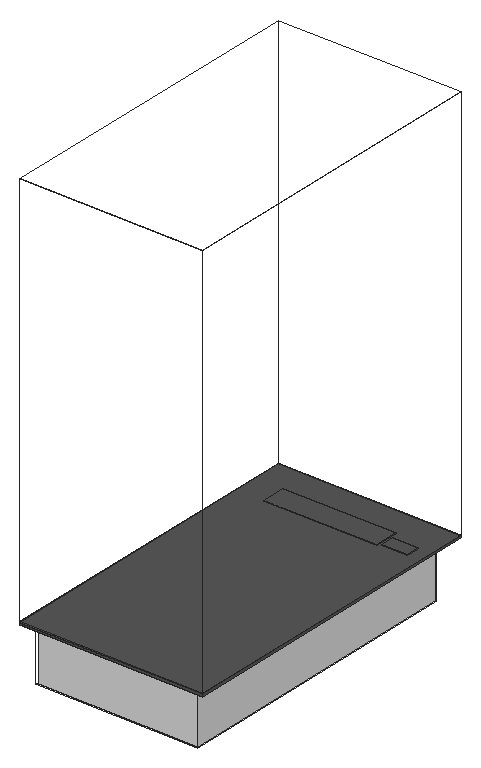
Revit family "CI122ZDTB5-US-CA", category Specialty Equipment, Revit 2020
Family settings
  Round Connector Dimension = Use Diameter
  Part Type = Normal
  Work Plane-Based = Yes
  Always vertical = No
  Cut with Voids When Loaded = Yes
  Shared = No
  Room Calculation Point = No
Parameters (values of type "CI122ZDTB5")
  URL = "www.fisherpaykel.com"
  Product - Width = 298.472 mm
  Product - Height = 90 mm
  Product - Depth = 528.472 mm
  Model = "CI122ZDTB5"
  Manufacturer = "Fisher & Paykel Appliances"
  Description = "12inch Series 7 Induction Cooktop"
  Default Elevation = 0 mm
  Clearance - Overhead Rangehood = 650 mm
  Clearance - Below Cooktop = 86 mm
  Cavity - Width = 265 mm
  Cavity - Height = 650 mm
  Cavity - Depth = 490 mm
Reference planes
  plane 1 "Center (Front/Back)": y = 0
  plane 2: z = 0
  plane 3 "Center (Left/Right)": x = 0
  plane 4 "Product - LHS": x = -149.236
  plane 5 "Product - RHS": x = 149.236
  plane 6 "Cavity - RHS": x = 132.5
  plane 7 "Cavity - LHS": x = -132.5
  plane 8 "Product - Depth": y = 528.472
  plane 9 "Cavity - Depth": y = 500
  plane 10 "Product - Height": z = 4
  plane 11 "Cavity - Height": z = 654
  plane 12: y = 10
  plane 13: z = -86
  plane 14: x = 130
  plane 15: x = -130
Forms (mm)
  Extrusion 1, solid, material "Fisher & Paykel - Glass, Black"
    sketch origin (-149.236, 528.472, 0) x (0, 1, 0) y (1, 0, 0)
      loop
        line (-528.472, 298.472) -> (-528.472, 0) -> (0, 0) -> (0, 298.472) -> (-528.472, 298.472)
    from 0 to -4
  Extrusion 2, solid, material "Fisher & Paykel - Glass, Black"
    sketch origin (-149.236, 528.472, 4) x (0, 1, 0) y (-1, 0, 0)
      loop
        line (-86.236, -44.236) -> (-86.236, -229.236) -> (-46.236, -229.236) -> (-46.236, -44.236) -> (-86.236, -44.236)
      loop
        line (-60.236, -234.236) -> (-82.236, -234.236) -> (-82.236, -276.236) -> (-60.236, -276.236) -> (-60.236, -234.236)
    from 0 to -2.95
  Extrusion 3, solid, not visible
    sketch origin (-149.236, 268.236, 0) x (0, 1, 0) y (1, 0, 0)
      loop
        line (-528.472, 298.472) -> (-528.472, 0) -> (0, 0) -> (0, 298.472) -> (-528.472, 298.472)
    from 0 to -4
  Extrusion 4, solid, not visible
    sketch origin (-149.236, 268.236, 4) x (0, 1, 0) y (-1, 0, 0)
      loop
        line (-86.236, -44.236) -> (-86.236, -229.236) -> (-46.236, -229.236) -> (-46.236, -44.236) -> (-86.236, -44.236)
      loop
        line (-60.236, -234.236) -> (-82.236, -234.236) -> (-82.236, -276.236) -> (-60.236, -276.236) -> (-60.236, -234.236)
    from 0 to -2.95
  Extrusion 5, solid, material "Fisher & Paykel - Clearance Required"
    sketch origin (-149.236, 528.472, 4) x (0, 1, 0) y (-1, 0, 0)
      loop
        line (-28.472, -16.736) -> (-518.472, -16.736) -> (-518.472, -281.736) -> (-28.472, -281.736) -> (-28.472, -16.736)
    from -4 to -90
  Extrusion 6, void
    sketch origin (-149.236, 528.472, 4) x (0, 1, 0) y (-1, 0, 0)
      loop
        line (-28.472, -16.736) -> (-518.472, -16.736) -> (-518.472, -281.736) -> (-28.472, -281.736) -> (-28.472, -16.736)
    from -4 to -90
  Extrusion 7, solid, material "Fisher & Paykel - Clearance Required (Rangehood)"
    sketch origin (0, 2.483, 4) x (1, 0, 0) y (0, 1, 0)
      loop
        line (-149.764, -2.483) -> (150.236, -2.482) -> (150.236, 525.989) -> (-149.764, 525.99) -> (-149.764, -2.483)
    from 0 to 650
  Extrusion 8, solid, material "Fisher & Paykel - Steel Galvanized"
    sketch origin (0, 2.483, 0) x (1, 0, 0) y (0, 1, 0)
      loop
        line (-130, 496.27) -> (-130, 11.27) -> (130, 11.27) -> (130, 496.27) -> (-130, 496.27)
    from 0 to -86
Dimensions and locks
  "Product - Width": plane 4 "Product - LHS" to plane 5 "Product - RHS"
  equal spacing: plane 4 "Product - LHS", plane 3 "Center (Left/Right)", plane 5 "Product - RHS"
  "Cavity - Width": plane 7 "Cavity - LHS" to plane 6 "Cavity - RHS"
  "Cavity - Depth": plane 9 "Cavity - Depth" to plane 12
  "Product - Depth": plane 8 "Product - Depth" to plane 1 "Center (Front/Back)"
  "Product - Height": plane 10 "Product - Height" to plane 13
  equal spacing: plane 7 "Cavity - LHS", plane 3 "Center (Left/Right)", plane 6 "Cavity - RHS"
  "Clearance - Below Cooktop": plane 2 to plane 13
  "Clearance - Overhead Rangehood": plane 11 "Cavity - Height" to plane 10 "Product - Height"
  aligned and locked: level to plane 2
  aligned and locked: Extrusion 5 sketch curve to plane 7 "Cavity - LHS"
  aligned and locked: Extrusion 5 sketch curve to plane 9 "Cavity - Depth"
  aligned and locked: Extrusion 5 sketch curve to plane 6 "Cavity - RHS"
  aligned and locked: Extrusion 5 sketch curve to plane 12
  aligned and locked: Extrusion 6 to plane 13
  aligned and locked: Extrusion 5 to Extrusion 6
  aligned and locked: plane 11 "Cavity - Height" to Extrusion 7
  aligned and locked: Extrusion 8 sketch curve to plane 14
  aligned and locked: plane 15 to Extrusion 8 sketch curve
  aligned and locked: Extrusion 6 to Extrusion 1
  aligned and locked: Extrusion 5 to Extrusion 1
Automatic sketch dimensions
  Extrusion 4 sketch curve to Extrusion 3 = 86.236 mm
  Extrusion 4 sketch curve to Extrusion 4 sketch curve = 40 mm
  Extrusion 4 sketch curve to Extrusion 3 = 69.236 mm
  Extrusion 4 sketch curve to Extrusion 3 = 44.236 mm
  Extrusion 4 sketch curve to Extrusion 4 sketch curve = 4 mm
  Extrusion 4 sketch curve to Extrusion 4 sketch curve = 14 mm
  Extrusion 4 sketch curve to Extrusion 4 sketch curve = 5 mm
  Extrusion 4 sketch curve to Extrusion 3 = 22.236 mm
  Extrusion 3 sketch curve to Extrusion 3 sketch curve = 0 mm  (x3)
  Extrusion 3 sketch curve to Extrusion 3 sketch curve = 528.472 mm
  Extrusion 3 sketch curve to Extrusion 3 sketch curve = 298.472 mm  (x2)
  plane 1 "Center (Front/Back)" to Extrusion 1 sketch curve = 0 mm
  Extrusion 1 sketch curve to plane 1 "Center (Front/Back)" = 0 mm
  Extrusion 1 sketch curve to plane 8 "Product - Depth" = 0 mm
  plane 8 "Product - Depth" to Extrusion 1 sketch curve = 0 mm
  plane 5 "Product - RHS" to Extrusion 1 sketch curve = 0 mm
  Extrusion 1 sketch curve to plane 5 "Product - RHS" = 0 mm
  plane 4 "Product - LHS" to Extrusion 1 sketch curve = 0 mm  (x2)
  Extrusion 2 sketch curve to Extrusion 1 = 86.236 mm
  Extrusion 2 sketch curve to Extrusion 2 sketch curve = 4 mm
  Extrusion 2 sketch curve to Extrusion 2 sketch curve = 22 mm
  Extrusion 2 sketch curve to Extrusion 2 sketch curve = 40 mm
  Extrusion 2 sketch curve to Extrusion 1 = 22.236 mm
  Extrusion 2 sketch curve to Extrusion 2 sketch curve = 42 mm
  Extrusion 2 sketch curve to Extrusion 2 sketch curve = 5 mm
  Extrusion 2 sketch curve to Extrusion 1 = 44.236 mm
  Extrusion 6 sketch curve to Extrusion 1 = 10 mm
  Extrusion 6 sketch curve to Extrusion 1 = 28.472 mm
  Extrusion 6 sketch curve to Extrusion 1 = 16.736 mm  (x2)
  plane 1 "Center (Front/Back)" to Extrusion 7 sketch curve = 0 mm
  Extrusion 7 sketch curve to plane 4 "Product - LHS" = 0.528 mm
  Extrusion 7 sketch curve to plane 1 "Center (Front/Back)" = 0 mm
  plane 5 "Product - RHS" to Extrusion 7 sketch curve = 1 mm
  Extrusion 7 sketch curve to plane 8 "Product - Depth" = 0 mm
  plane 8 "Product - Depth" to Extrusion 7 sketch curve = 0 mm
  plane 12 to Extrusion 8 sketch curve = 3.752 mm
  Extrusion 8 sketch curve to plane 9 "Cavity - Depth" = 1.248 mm
